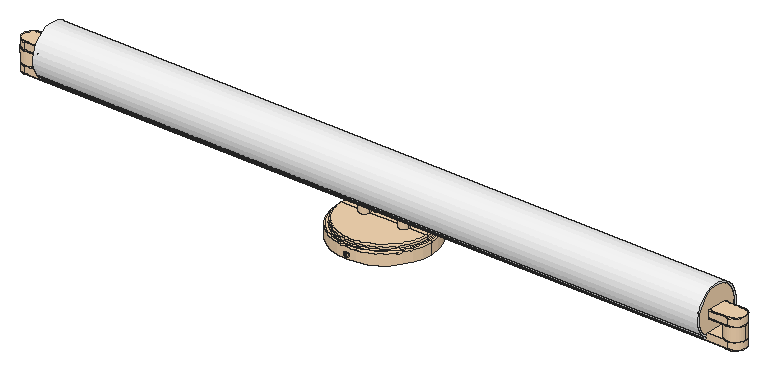
Revit family "Light_Fixture-Bath_Bar-KOHLER-Crue-K-32632", category Lighting Fixtures, host Face, Revit 2021
Family settings
  Host = Face
  Round Connector Dimension = Use Diameter
  Part Type = Normal
  OmniClass Number = 23.35.47.11
  OmniClass Title = Lighting Fixtures
  Cut with Voids When Loaded = No
  Light Source = Yes
  Shared = No
  Room Calculation Point = No
Parameters (values of type "2GL-Brushed Modern Brass")
  Width = 3 185/256"  # constant formula
  Wattage Comments = "24 W"  # constant formula
  Wattage = 24 W
  WaterSense Certified = 1 = 0  # no
  built-in parameter 1150110 = 1 (stored number, unit not read)
  Voltage = 120 V  # constant formula
  URL = "https://www.us.kohler.com/us/"
  Type = 1
  built-in parameter 1114217 = 1 (stored number, unit not read)
  built-in parameter 1150109 = 1 (stored number, unit not read)
  built-in parameter 1150134 = (empty or 0)
  built-in parameter 1150113 = 1 (stored number, unit not read)
  Product Page URL = "http://www.us.kohler.com/us/catalog/productDetails.jsp?productId=32632-SCLED"
  Product Name = "Crue"  # constant formula
  Product Documentation Link = "https://www.us.kohler.com/webassets/kpna/catalog/pdf/en/K-32632-SCLED_spec_US-CA_Kohler_en.pdf"
  Model = if(Type = 1, "K-32632-SCLED-2GL", if(Type = 2, "K-32632-SCLED-BLL", if(Type = 3, "K-32632-SCLED-BNL", if(Type = 4, "K-32632-SCLED-CPL", if(Type = 5, "K-32632-SCLED-TTL", "NA")))))  # "K-32632-SCLED-2GL"
  Material = "Premium Metal Construction"  # constant formula
  Master Format 2014 Name = "Interior Lighting Fixtures, Lamps, And Ballasts"  # constant formula
  Master Format 2014 = "26 51 13"  # constant formula
  Manufacturer Address = "444 Highland Dr, Kohler, WI 53044"  # constant formula
  Manufacturer = "Kohler Co."  # constant formula
  built-in parameter 1150105 = 763.94 (stored number, unit not read)
  Lumens = 2400 lm
  built-in parameter 1150115 = 1 (stored number, unit not read)
  Light Source Symbol Size = 2"  # constant formula
  built-in parameter 1150137 = (empty or 0)
  built-in parameter 1150139 = (empty or 0)
  Length = 36 1/16"  # constant formula
  built-in parameter 1150112 = 1 (stored number, unit not read)
  built-in parameter 1150114 = 1 (stored number, unit not read)
  Lamp = "1 x 24W LED Strip"  # constant formula
  built-in parameter 1150132 = (empty or 0)
  built-in parameter 1150102 = (empty or 0)
  built-in parameter 1150107 = 3000 (stored number, unit not read)
  built-in parameter 1150138 = (empty or 0)
  built-in parameter 1150106 = 7.6394 (stored number, unit not read)
  Height = 4 185/256"  # constant formula
  Hardware Included = 0 = 1  # no
  Finish = KOHLER-Metal-2GL-Brushed_Modern_Brass
  Environmental Product Declaration = ""
  Emit from Line Length = 32"
  Electrical Note = "One Dedicated Circuit Required"  # constant formula
  Electrical Connector = 1 = 1  # yes
  built-in parameter 1150104 = 9.2903 (stored number, unit not read)
  Dimming Lamp Color Temperature Shift = Incandescent Lamp Curve
  Description = "36 Inch Bath Bar"  # constant formula
  Default Elevation = 60"
  Declare Label = ""
  Date Modified = "01/18/2023"  # constant formula
  Date Created = "01/18/2023"  # constant formula
  Copyright = "Copyright Kohler Co."  # constant formula
  Contact Us = "https://www.us.kohler.com/us/static/contact.jsp"
  Color Filter = 16777215
  built-in parameter 1114218 = 1 (stored number, unit not read)
  built-in parameter 1150133 = 10 (stored number, unit not read)
  Assembly Code = "D5040.50"
  Apparent Load = 24 VA  # constant formula
  ADA Compliant = 1 = 0  # no
Types (6): name | Type | Model | Finish | Emit from Line Length
  (no name) | 1 | "K-32632-SCLED-2GL" | KOHLER-Metal-2GL-Brushed_Modern_Brass | 32"
  2GL-Brushed Modern Brass | 1 | "K-32632-SCLED-2GL" | KOHLER-Metal-2GL-Brushed_Modern_Brass | 32"
  BLL-Matte Black | 2 | "K-32632-SCLED-BLL" | KOHLER-Metal-BLL-Matte_Black | 20"
  BNL-Brushed Nickel | 3 | "K-32632-SCLED-BNL" | KOHLER-Metal-BNL-Brushed_Nickel | 20"
  CPL-Polished Chrome | 4 | "K-32632-SCLED-CPL" | KOHLER-Metal-CPL-Polished_Chrome | 20"
  TTL-Titanium | 5 | "K-32632-SCLED-TTL" | KOHLER-Metal-TTL-Titanium | 20"
Reference planes (in)
  plane 1 "Center (Front/Back)": y = 0
  plane 2: z = 0
  plane 3 "Center (Left/Right)": x = 0
  plane 4: y = 2.36219
  plane 5: y = -2.36047
  plane 6: x = -2.3622
  plane 7: x = 2.3622
  plane 8: y = -1.1811
  plane 9: y = 1.1811
  plane 10: x = -18.0315
  plane 11: x = 18.031
  plane 12: x = 16.59449
  plane 13: x = -16.59449
  plane 14: z = 3.72266
  plane 15: z = 0.7874
Dimensions and locks (in)
  plane 6 to plane 7 = 4.72441"
  "Height": plane 5 to plane 4
  "Length": plane 10 to plane 11
  plane 13 to plane 12 = 33.18898"
  plane 8 to plane 9 = 2.3622"
  "Width": plane 14 to level
  plane 15 to level = 0.7874"
  aligned and locked: plane 2 to host face
  aligned and locked: level to host face
  aligned and locked: plane 3 "Center (Left/Right)" to nested 1
  aligned and locked: plane 1 "Center (Front/Back)" to nested 1
Automatic sketch dimensions
  host sketch curve to host sketch curve = 96"  (x2)
Nested families (in)
  nested 1: "K-32632" at (0, 0, 0), type "K-32632"
Connectors (in)
  electrical at (0, 0, 0), driven by "Voltage", driven by "Apparent Load", driven by "Apparent Load", driven by "Electrical Connector", driven by "Electrical Note"
    settings: on nested 1, index 1, voltage 120 V, apparent load 24 VA, apparent load phase1 24 VA, apparent load phase2 0 VA, apparent load phase3 0 VA, power factor 1, load classification "Lighting", number of poles 1, system type 30, power factor state 1, is connector primary yes, connector utility yes, sub classification motor no, connector description "One Dedicated Circuit Required"
Definition of nested family "K-32632"
  Parameters (values of type "K-32632")
    Material = none
    Default Elevation = 0"
  Reference planes (in)
    plane 1 "Center (Front/Back)": y = 0
    plane 2: z = 0
    plane 3 "Center (Left/Right)": x = 0
    plane 4: y = 2.36219
    plane 5: y = -2.36219
    plane 6: x = -18.0315
    plane 7: x = 18.0315
    plane 8: x = -2.3622
    plane 9: x = 2.3622
    plane 10: x = -16.59449
    plane 11: x = 16.59449
    plane 12: y = 1.1811
    plane 13: y = -1.1811
    plane 14: z = 3.72071
    plane 15: z = 0.7874
  Forms (in)
    Revolve 1, solid, material <- "Material", detail levels medium+fine
      sketch origin (0, 0, 0) x (1, 0, 0) y (0, 0, 1)
        loop
          line (0, 0) -> (2.3622, 0) -> (2.3622, 0.53378)
          arc (2.3622, 0.53378) -> (2.34558, 0.57392) -> (2.30544, 0.59055) r 0.05677
          line (2.30544, 0.59055) -> (2.20514, 0.59055)
          arc (2.20514, 0.59055) -> (2.17625, 0.60252) -> (2.16429, 0.63141) r 0.04085
          line (2.16429, 0.63141) -> (2.16429, 0.7316)
          arc (2.16429, 0.7316) -> (2.14794, 0.77106) -> (2.10849, 0.7874) r 0.0558
          line (2.10849, 0.7874) -> (0, 0.7874) -> (0, 0)
        axis (0, 0.7874) -> (0, 0)
      angle from 0 to 360
    Revolve 2, solid, material <- "Material", detail levels medium+fine
      sketch origin (0, 0, 0) x (1, 0, 0) y (0, 0, 1)
        loop
          line (-0.98425, 1.29928) -> (-1.23031, 1.29928) -> (-1.23031, 0.60195) -> (-0.98425, 0.60195) -> (-0.98425, 1.29928)
        axis (-0.98425, 1.29928) -> (-0.98425, 0.60195)
      angle from 0 to 360
    Revolve 3, solid, material <- "Material", detail levels medium+fine
      sketch origin (-6.10236, 0, 0) x (1, 0, 0) y (0, 0, 1)
        loop
          line (-11.43701, 2.34259) -> (-11.92913, 2.34259) -> (-11.92913, 1.69298) -> (-11.43701, 1.69298) -> (-11.43701, 2.34259)
        axis (-11.43701, 2.34259) -> (-11.43701, 1.69298)
      angle from 0 to 360
    Extrusion 4, solid, material <- "Material", detail levels medium+fine
      sketch origin (0, 0, 0) x (1, 0, 0) y (0, 1, 0)
        loop
          arc (-17.53742, 0.34212) -> (-17.87867, 0.00087) -> (-17.53742, -0.34038) r 0.34125
          line (-17.53742, -0.34038) -> (17.53593, -0.34038)
          arc (17.53593, -0.34038) -> (17.87718, 0.00087) -> (17.53593, 0.34212) r 0.34125
          line (17.53593, 0.34212) -> (-17.53742, 0.34212)
      from 1.29928 to 1.69298
    Sweep 5, solid, material <- "Material", detail levels medium+fine
      path origin (0, 0, 0) x (1, 0, 0) y (0, 1, 0)
        loop
          line (0, 0.49484) -> (-17.53742, 0.49484)
          arc (-17.53742, 0.49484) -> (-18.03139, 0.00087) -> (-17.53742, -0.49311) r 0.49398
          line (-17.53742, -0.49311) -> (0, -0.49311) -> (17.53593, -0.49311)
          arc (17.53593, -0.49311) -> (18.0299, 0.00087) -> (17.53593, 0.49484) r 0.49398
          line (17.53593, 0.49484) -> (0, 0.49484)
      profile origin (-18.03139, 0.00087, 0) x (1, 0, 0) y (0, 0, 1)
        loop
          arc (0.02046, 1.69298) -> (0.00624, 1.68709) -> (0.00035, 1.67288) r 0.02011
          line (0.00035, 1.67288) -> (0.00035, 1.31893)
          arc (0.00035, 1.31893) -> (0.00611, 1.30504) -> (0.02, 1.29928) r 0.01964
          line (0.02, 1.29928) -> (0.15273, 1.29928) -> (0.15273, 1.69298) -> (0.02046, 1.69298)
    Sweep 6, solid, material <- "Material", detail levels medium+fine
      path origin (0, 0, 0) x (1, 0, 0) y (0, 1, 0)
        loop
          line (0, 0.49484) -> (-17.53405, 0.49484)
          arc (-17.53405, 0.49484) -> (-18.02803, 0.00087) -> (-17.53405, -0.49311) r 0.49398
          line (-17.53405, -0.49311) -> (0, -0.49311) -> (17.53732, -0.49311)
          arc (17.53732, -0.49311) -> (18.0313, 0.00087) -> (17.53732, 0.49484) r 0.49398
          line (17.53732, 0.49484) -> (0, 0.49484)
      profile origin (-18.02803, 0.00087, 0) x (1, 0, 0) y (0, 0, 1)
        loop
          line (0.13882, 2.34259) -> (0.13882, 2.73629) -> (0.02039, 2.73629)
          arc (0.02039, 2.73629) -> (0.00622, 2.73042) -> (0.00035, 2.71625) r 0.02004
          line (0.00035, 2.71625) -> (0.00035, 2.36266)
          arc (0.00035, 2.36266) -> (0.00623, 2.34847) -> (0.02043, 2.34259) r 0.02007
          line (0.02043, 2.34259) -> (0.13882, 2.34259)
    Extrusion 7, solid, material <- "Material", detail levels medium+fine
      sketch origin (0, 0, 0) x (1, 0, 0) y (0, 1, 0)
        loop
          arc (-17.53405, 0.35602) -> (-17.88921, 0.00087) -> (-17.53405, -0.35429) r 0.35516
          line (-17.53405, -0.35429) -> (17.53732, -0.35429)
          arc (17.53732, -0.35429) -> (17.89248, 0.00087) -> (17.53732, 0.35602) r 0.35516
          line (17.53732, 0.35602) -> (-17.53405, 0.35602)
      from 2.34259 to 2.73629
    Extrusion 8, void
      sketch origin (0, 0, 0) x (1, 0, 0) y (0, 0, 1)
        loop
          line (-16.59449, 4.4292) -> (-16.59449, 2.067) -> (16.59449, 2.067) -> (16.59449, 4.4292) -> (-16.59449, 4.4292)
      from -1.52135 to 1.50594
    Revolve 9, solid, material <- "Material", detail levels medium+fine
      sketch origin (0, 0, 0) x (-1, 0, 0) y (0, 0, -1)
        loop
          line (-0.98425, -1.29928) -> (-0.98425, -0.38932) -> (-1.23031, -0.38932) -> (-1.23031, -1.29928) -> (-0.98425, -1.29928)
        axis (-0.98425, -1.29928) -> (-0.98425, -0.38932)
      angle from 0 to 360
    Extrusion 10, solid
      sketch origin (0, 0, 0) x (0, 1, 0) y (0, 0, 1)
        loop
          arc (0.7911, 1.74524) -> (0.75273, 1.71967) -> (0.70749, 1.71069) r 0.11844
          line (0.70749, 1.71069) -> (0.66242, 1.71069) -> (0.66242, 1.67831)
          arc (0.66242, 1.67831) -> (0.6702, 1.66526) -> (0.68538, 1.66593) r 0.01482
          arc (0.68538, 1.66593) -> (0.76087, 1.62484) -> (0.68472, 1.58499) r 0.04871
          arc (0.68472, 1.58499) -> (0.67002, 1.58581) -> (0.66242, 1.5732) r 0.01427
          line (0.66242, 1.5732) -> (0.66242, 1.54069)
          arc (0.66242, 1.54069) -> (0.7491, 1.52495) -> (0.80584, 1.59234) r 0.08784
          line (0.80584, 1.59234) -> (0.81312, 1.63362)
          arc (0.81312, 1.63362) -> (0.82993, 1.68438) -> (0.8606, 1.72818) r 0.18452
          arc (0.8606, 1.72818) -> (-0.00203, 3.72112) -> (-0.85534, 1.72418) r 1.18197
          arc (-0.85534, 1.72418) -> (-0.82317, 1.67855) -> (-0.80555, 1.62557) r 0.19115
          line (-0.80555, 1.62557) -> (-0.79969, 1.59234)
          arc (-0.79969, 1.59234) -> (-0.74294, 1.52495) -> (-0.65626, 1.54069) r 0.08784
          line (-0.65626, 1.54069) -> (-0.65626, 1.5732)
          arc (-0.65626, 1.5732) -> (-0.66387, 1.58581) -> (-0.67857, 1.58499) r 0.01427
          arc (-0.67857, 1.58499) -> (-0.75472, 1.62484) -> (-0.67923, 1.66593) r 0.04871
          arc (-0.67923, 1.66593) -> (-0.66405, 1.66526) -> (-0.65626, 1.67831) r 0.01482
          line (-0.65626, 1.67831) -> (-0.65626, 1.71069) -> (-0.7161, 1.71069)
          arc (-0.7161, 1.71069) -> (-0.75122, 1.71756) -> (-0.78115, 1.73718) r 0.09311
          arc (-0.78115, 1.73718) -> (-0.00485, 3.65733) -> (0.7911, 1.74524) r 1.11934
      from -16.59449 to 16.59449
    Extrusion 11, solid, material <- "Material", detail levels medium+fine
      sketch origin (0, 0, 0) x (0, 1, 0) y (0, 0, 1)
        loop
          arc (-0.78115, 1.73718) -> (-0.75122, 1.71756) -> (-0.7161, 1.71069) r 0.09311
          line (-0.7161, 1.71069) -> (0.70749, 1.71069)
          arc (0.70749, 1.71069) -> (0.75273, 1.71967) -> (0.7911, 1.74524) r 0.11844
          arc (0.7911, 1.74524) -> (-0.00485, 3.65733) -> (-0.78115, 1.73718) r 1.11934
      from -16.41732 to -16.53543
    Extrusion 12, solid, material <- "Material", detail levels medium+fine
      sketch origin (0, 0, 0) x (0, 1, 0) y (0, 0, -1)
        loop
          arc (-0.78115, -1.73718) -> (-0.00485, -3.65733) -> (0.7911, -1.74524) r 1.11934
          arc (0.7911, -1.74524) -> (0.75273, -1.71967) -> (0.70749, -1.71069) r 0.11844
          line (0.70749, -1.71069) -> (-0.7161, -1.71069)
          arc (-0.7161, -1.71069) -> (-0.75122, -1.71756) -> (-0.78115, -1.73718) r 0.09311
      from -16.41732 to -16.53543
    Extrusion 13, void
      sketch origin (0, 0, 0) x (0, 1, 0) y (0, 0, 1)
        loop
          circle (0.18023, 2.53946) r 0.07874
        loop
          circle (-0.1785, 2.53946) r 0.07874
      from -16.67115 to 16.634
    Extrusion 14, void
      sketch origin (0, 0, 0) x (1, 0, 0) y (0, 0, 1)
        loop
          circle (0.00039, 0.21703) r 0.13814
      from 2.10865 to 2.48456
    Extrusion 15, solid, material <- "Material", detail levels medium+fine
      sketch origin (0, 0, 0) x (1, 0, 0) y (0, 0, 1)
        loop
          circle (0.00039, 0.21703) r 0.12096
        loop
          line (0.01602, 0.31386) -> (-0.01524, 0.31386) -> (-0.01524, 0.23266) -> (-0.09644, 0.23266) -> (-0.09644, 0.20139) -> (-0.01524, 0.20139) -> (-0.01524, 0.1202) -> (0.01602, 0.1202) -> (0.01602, 0.20139) -> (0.09722, 0.20139) -> (0.09722, 0.23266) -> (0.01602, 0.23266) -> (0.01602, 0.31386)
      from 2.10865 to 2.35816
    Extrusion 16, solid, material <- "Material", detail levels medium+fine
      sketch origin (0, 0, 0) x (1, 0, 0) y (0, 0, -1)
        loop
          circle (0.00039, -0.21703) r 0.12096
        loop
          line (0.01602, -0.31386) -> (0.01602, -0.23266) -> (0.09722, -0.23266) -> (0.09722, -0.20139) -> (0.01602, -0.20139) -> (0.01602, -0.1202) -> (-0.01524, -0.1202) -> (-0.01524, -0.20139) -> (-0.09644, -0.20139) -> (-0.09644, -0.23266) -> (-0.01524, -0.23266) -> (-0.01524, -0.31386) -> (0.01602, -0.31386)
      from 2.10865 to 2.35816
    Extrusion 17, void
      sketch origin (0, 0, 0) x (1, 0, 0) y (0, 0, -1)
        loop
          circle (0.00039, -0.21703) r 0.13814
      from 2.10865 to 2.48456
    Revolve 18, solid, material <- "Material", detail levels coarse
      sketch origin (0, 0, 0) x (1, 0, 0) y (0, 0, 1)
        loop
          line (0, 0) -> (0, 1.31918) -> (-1.37795, 1.31918) -> (-1.37795, 0.79643) -> (-2.3622, 0.79643) -> (-2.3622, 0) -> (0, 0)
        axis (0, 1.31918) -> (0, 0)
      angle from 0 to 360
    Extrusion 19, solid, material <- "Material", detail levels coarse
      sketch origin (0, 0, 0) x (0, 1, 0) y (0, 0, 1)
        loop
          arc (-0.78115, 1.73718) -> (-0.75122, 1.71756) -> (-0.7161, 1.71069) r 0.09311
          line (-0.7161, 1.71069) -> (0.70749, 1.71069)
          arc (0.70749, 1.71069) -> (0.75273, 1.71967) -> (0.7911, 1.74524) r 0.11844
          arc (0.7911, 1.74524) -> (-0.00485, 3.65733) -> (-0.78115, 1.73718) r 1.11934
      from -16.41732 to -16.5874
    Extrusion 20, solid, material <- "Material", detail levels coarse
      sketch origin (0, 0, 0) x (0, 1, 0) y (0, 0, -1)
        loop
          arc (-0.78115, -1.73718) -> (-0.00485, -3.65733) -> (0.7911, -1.74524) r 1.11934
          arc (0.7911, -1.74524) -> (0.75273, -1.71967) -> (0.70749, -1.71069) r 0.11844
          line (0.70749, -1.71069) -> (-0.7161, -1.71069)
          arc (-0.7161, -1.71069) -> (-0.75122, -1.71756) -> (-0.78115, -1.73718) r 0.09311
      from -16.41732 to -16.56608
    Extrusion 21, solid, material <- "Material", detail levels coarse
      sketch origin (0, 0, 0) x (1, 0, 0) y (0, 1, 0)
        loop
          arc (17.5405, -0.65626) -> (18.19984, 0.00308) -> (17.5405, 0.66242) r 0.65934
          line (17.5405, 0.66242) -> (-17.46382, 0.66242)
          arc (-17.46382, 0.66242) -> (-18.12316, 0.00308) -> (-17.46382, -0.65626) r 0.65934
          line (-17.46382, -0.65626) -> (17.5405, -0.65626)
      from 1.29928 to 1.71069
    Extrusion 22, solid, material <- "Material", detail levels medium+fine
      sketch origin (0, 0, 0) x (1, 0, 0) y (0, 1, 0)
        loop
          circle (0, 0) r 0.19685
      from 0 to 0.07874
    Extrusion 23, solid
      sketch origin (0, 0, 0) x (0, 1, 0) y (0, 0, 1)
        loop
          line (0.66242, 1.71069) -> (0.66242, 1.86817) -> (-0.65582, 1.86817) -> (-0.65582, 1.71069) -> (0.66242, 1.71069)
        loop
          line (0.64273, 1.84866) -> (-0.63613, 1.84866) -> (-0.63613, 1.73055) -> (0.64273, 1.73055) -> (0.64273, 1.84866)
      from -16.23307 to 16.23307
    Extrusion 24, solid
      sketch origin (0, 0, 0) x (0, 1, 0) y (0, 0, 1)
        loop
          line (0.66242, 1.71069) -> (0.66242, 1.86817) -> (-0.65582, 1.86817) -> (-0.65582, 1.71069) -> (0.66242, 1.71069)
      from -16.23307 to -16.39055
    Revolve 25, solid, material <- "Material", detail levels medium+fine
      sketch origin (6.10236, 0, 0) x (-1, 0, 0) y (0, 0, -1)
        loop
          line (-11.43701, -2.34259) -> (-11.43701, -1.69298) -> (-11.92913, -1.69298) -> (-11.92913, -2.34259) -> (-11.43701, -2.34259)
        axis (-11.43701, -2.34259) -> (-11.43701, -1.69298)
      angle from 0 to 360
    Extrusion 26, solid
      sketch origin (0, 0, 0) x (0, 1, 0) y (0, 0, -1)
        loop
          line (0.66242, -1.71069) -> (-0.65582, -1.71069) -> (-0.65582, -1.86817) -> (0.66242, -1.86817) -> (0.66242, -1.71069)
      from -16.23307 to -16.39055
    Extrusion 27, solid, material <- "Material", detail levels coarse
      sketch origin (-6.09528, 0, 1.71069) x (1, 0, 0) y (0, 1, 0)
        loop
          circle (-11.43701, 0) r 0.49921
        loop
          circle (23.62756, 0) r 0.49921
      from 0 to 0.6319
    Extrusion 28, solid, material <- "Material", detail levels coarse
      sketch origin (-6.09528, 0, 0.00001) x (1, 0, 0) y (0, 1, 0)
        loop
          arc (-11.44036, 0.50046) -> (-11.94083, 0) -> (-11.44036, -0.50046) r 0.50046
          line (-11.44036, -0.50046) -> (-10.49213, -0.50046) -> (-10.49213, 0.50046) -> (-11.44036, 0.50046)
        loop
          line (23.63091, 0.50046) -> (22.66135, 0.50046) -> (22.66135, -0.50046) -> (23.63091, -0.50046)
          arc (23.63091, -0.50046) -> (24.13138, 0) -> (23.63091, 0.50046) r 0.50046
      from 2.34259 to 2.73629
  Cuts and joins
    Extrusion 14, Extrusion 17 cuts Revolve 1
    Extrusion 17 cuts Revolve 2
    Extrusion 17 cuts Extrusion 4
    Extrusion 17 cuts Sweep 5
    Extrusion 17 cuts Revolve 9
    Extrusion 13, Extrusion 17 cuts Extrusion 11
    Extrusion 13, Extrusion 17 cuts Extrusion 12
    joined: Revolve 1, Revolve 2, Extrusion 4, Sweep 5, Revolve 9, Extrusion 11, Extrusion 12
    Extrusion 17 cuts Extrusion 15
    joined: Revolve 18, Extrusion 19, Extrusion 20, Extrusion 21
    joined: Extrusion 23, Extrusion 24, Extrusion 26
    Extrusion 8, Extrusion 17 cuts Sweep 6
    Extrusion 8, Extrusion 13, Extrusion 17 cuts Extrusion 7
    joined: Sweep 6, Extrusion 7
    Extrusion 17 cuts Revolve 3
  Lines and regions (in)
    Masking region 1
      outline origin (0, 0, 0) x (1, 0, 0) y (0, 1, 0)
        loop
          arc (2.04571, 1.1811) -> (0, 2.36219) -> (-2.04571, 1.1811) r 2.36219
          line (-2.04571, 1.1811) -> (-16.5947, 1.1811) -> (-16.5947, 0.49213) -> (-17.53937, 0.49213)
          arc (-17.53937, 0.49213) -> (-18.0315, 0) -> (-17.53937, -0.49213) r 0.49213
          line (-17.53937, -0.49213) -> (-16.5947, -0.49213) -> (-16.5947, -1.1811) -> (-2.04571, -1.1811)
          arc (-2.04571, -1.1811) -> (0, -2.36219) -> (2.04571, -1.1811) r 2.36219
          line (2.04571, -1.1811) -> (16.59466, -1.1811) -> (16.59466, -0.49213) -> (17.53937, -0.49213)
          arc (17.53937, -0.49213) -> (18.0315, 0) -> (17.53937, 0.49213) r 0.49213
          line (17.53937, 0.49213) -> (16.59466, 0.49213) -> (16.59466, 1.1811) -> (2.04571, 1.1811)
    Masking region 2
      outline origin (0, 0, 0) x (1, 0, 0) y (0, 0, 1)
        loop
          line (0, 0) -> (2.3622, 0) -> (2.3622, 0.53379)
          arc (2.3622, 0.53379) -> (2.34558, 0.57393) -> (2.30544, 0.59055) r 0.05676
          line (2.30544, 0.59055) -> (2.20389, 0.59055)
          arc (2.20389, 0.59055) -> (2.17664, 0.60184) -> (2.16535, 0.62909) r 0.03854
          line (2.16535, 0.62909) -> (2.16535, 0.72918)
          arc (2.16535, 0.72918) -> (2.1483, 0.77035) -> (2.10713, 0.7874) r 0.05822
          line (2.10713, 0.7874) -> (1.23132, 0.7874) -> (1.23132, 1.29928) -> (18.0116, 1.29928)
          arc (18.0116, 1.29928) -> (18.02567, 1.30511) -> (18.0315, 1.31918) r 0.01989
          line (18.0315, 1.31918) -> (18.0315, 2.71668)
          arc (18.0315, 2.71668) -> (18.02575, 2.73055) -> (18.01187, 2.7363) r 0.01962
          line (18.01187, 2.7363) -> (16.59449, 2.7363) -> (16.59449, 3.72071) -> (0, 3.72071) -> (-16.59449, 3.72071) -> (-16.59449, 2.7363) -> (-18.01187, 2.7363)
          arc (-18.01187, 2.7363) -> (-18.02575, 2.73055) -> (-18.0315, 2.71668) r 0.01962
          line (-18.0315, 2.71668) -> (-18.0315, 1.31918)
          arc (-18.0315, 1.31918) -> (-18.02567, 1.30511) -> (-18.0116, 1.29928) r 0.01989
          line (-18.0116, 1.29928) -> (-1.23132, 1.29928) -> (-1.23132, 0.7874) -> (-2.10759, 0.7874)
          arc (-2.10759, 0.7874) -> (-2.14843, 0.77048) -> (-2.16535, 0.72963) r 0.05777
          line (-2.16535, 0.72963) -> (-2.16535, 0.62871)
          arc (-2.16535, 0.62871) -> (-2.17653, 0.60173) -> (-2.20351, 0.59055) r 0.03816
          line (-2.20351, 0.59055) -> (-2.30487, 0.59055)
          arc (-2.30487, 0.59055) -> (-2.34541, 0.57376) -> (-2.3622, 0.53322) r 0.05733
          line (-2.3622, 0.53322) -> (-2.3622, 0) -> (0, 0)
        loop
          line (17.04724, 2.34259) -> (16.59449, 2.34259) -> (16.59449, 1.69346) -> (17.04724, 1.69346) -> (17.04724, 2.34259)
        loop
          line (0.73819, 1.29928) -> (0, 1.29928) -> (-0.73819, 1.29928) -> (-0.73819, 0.7874) -> (0, 0.7874) -> (0.73819, 0.7874) -> (0.73819, 1.29928)
        loop
          line (-17.04724, 2.34259) -> (-17.04724, 1.69346) -> (-16.59449, 1.69346) -> (-16.59449, 2.34259) -> (-17.04724, 2.34259)
    Masking region 3
      outline origin (0, 0, 0) x (0, 1, 0) y (0, 0, 1)
        loop
          arc (-0.86263, 1.72777) -> (-0.83197, 1.68397) -> (-0.81515, 1.63321) r 0.18452
          line (-0.81515, 1.63321) -> (-0.80787, 1.59193)
          arc (-0.80787, 1.59193) -> (-0.75113, 1.52454) -> (-0.66445, 1.54028) r 0.08784
          line (-0.66445, 1.54028) -> (-0.66445, 1.57279)
          arc (-0.66445, 1.57279) -> (-0.67205, 1.58541) -> (-0.68675, 1.58458) r 0.01427
          arc (-0.68675, 1.58458) -> (-0.76291, 1.62443) -> (-0.68742, 1.66552) r 0.04871
          arc (-0.68742, 1.66552) -> (-0.67224, 1.66485) -> (-0.66445, 1.6779) r 0.01482
          line (-0.66445, 1.6779) -> (-0.66445, 1.71028) -> (-0.49213, 1.71028) -> (-0.49213, 1.67908) -> (-0.45708, 1.67908)
          arc (-0.45708, 1.67908) -> (-0.48227, 1.66358) -> (-0.49213, 1.63569) r 0.04438
          line (-0.49213, 1.63569) -> (-0.49213, 1.31892)
          arc (-0.49213, 1.31892) -> (-0.48638, 1.30503) -> (-0.47249, 1.29928) r 0.01963
          line (-0.47249, 1.29928) -> (-0.24606, 1.29928) -> (-0.24606, 0.78747) -> (-2.10737, 0.78747)
          arc (-2.10737, 0.78747) -> (-2.14836, 0.77049) -> (-2.16534, 0.7295) r 0.05797
          line (-2.16534, 0.7295) -> (-2.16534, 0.63089)
          arc (-2.16534, 0.63089) -> (-2.17715, 0.60237) -> (-2.20568, 0.59055) r 0.04034
          line (-2.20568, 0.59055) -> (-2.30594, 0.59055)
          arc (-2.30594, 0.59055) -> (-2.34572, 0.57408) -> (-2.36219, 0.5343) r 0.05625
          line (-2.36219, 0.5343) -> (-2.36219, 0) -> (0, 0) -> (2.36219, 0) -> (2.36219, 0.5343)
          arc (2.36219, 0.5343) -> (2.34572, 0.57408) -> (2.30594, 0.59055) r 0.05625
          line (2.30594, 0.59055) -> (2.20568, 0.59055)
          arc (2.20568, 0.59055) -> (2.17715, 0.60237) -> (2.16534, 0.63089) r 0.04034
          line (2.16534, 0.63089) -> (2.16534, 0.7295)
          arc (2.16534, 0.7295) -> (2.14836, 0.77049) -> (2.10737, 0.78747) r 0.05797
          line (2.10737, 0.78747) -> (0.24606, 0.78747) -> (0.24606, 1.29928) -> (0.47249, 1.29928)
          arc (0.47249, 1.29928) -> (0.48638, 1.30503) -> (0.49213, 1.31892) r 0.01963
          line (0.49213, 1.31892) -> (0.49213, 1.63569)
          arc (0.49213, 1.63569) -> (0.48227, 1.66358) -> (0.45708, 1.67908) r 0.04438
          line (0.45708, 1.67908) -> (0.49213, 1.67908) -> (0.49213, 1.71028) -> (0.65423, 1.71028) -> (0.65423, 1.6779)
          arc (0.65423, 1.6779) -> (0.66202, 1.66485) -> (0.6772, 1.66552) r 0.01482
          arc (0.6772, 1.66552) -> (0.75269, 1.62443) -> (0.67654, 1.58458) r 0.04871
          arc (0.67654, 1.58458) -> (0.66183, 1.58541) -> (0.65423, 1.57279) r 0.01427
          line (0.65423, 1.57279) -> (0.65423, 1.54028)
          arc (0.65423, 1.54028) -> (0.74091, 1.52454) -> (0.79765, 1.59193) r 0.08784
          line (0.79765, 1.59193) -> (0.80351, 1.62516)
          arc (0.80351, 1.62516) -> (0.82113, 1.67814) -> (0.85331, 1.72377) r 0.19115
          arc (0.85331, 1.72377) -> (0, 3.72071) -> (-0.86263, 1.72777) r 1.18197
    symbolic lines, detail levels medium+fine
      curve 1: line (-2.15254, 1.1811, 0) -> (2.17817, 1.1811, 0)
      curve 2: line (-2.15254, -1.1811, 0) -> (2.17817, -1.1811, 0)
      curve 3: line (-16.5947, -0.49213, 0) -> (-16.5947, 0.49213, 0)
      curve 4: line (16.59466, -0.49213, 0) -> (16.59466, 0.49213, 0)
      curve 5: arc (-1.98132, -1.1811, 0) -> (0, -2.30665, 0) -> (1.98132, -1.1811, 0) r 2.30665
      curve 6: arc (-1.73248, -1.1811, 0) -> (0, -2.09678, 0) -> (1.73248, -1.1811, 0) r 2.09678
      curve 7: arc (-1.65556, -1.1811, 0) -> (0, -2.03369, 0) -> (1.65556, -1.1811, 0) r 2.03369
      curve 8: arc (-1.5748, -1.1811, 0) -> (0, -1.9685, 0) -> (1.5748, -1.1811, 0) r 1.9685
      curve 9: arc (1.5748, 1.1811, 0) -> (0, 1.9685, 0) -> (-1.5748, 1.1811, 0) r 1.9685
      curve 10: arc (1.65556, 1.1811, 0) -> (0, 2.03369, 0) -> (-1.65556, 1.1811, 0) r 2.03369
      curve 11: arc (1.73248, 1.1811, 0) -> (0, 2.09678, 0) -> (-1.73248, 1.1811, 0) r 2.09678
      curve 12: arc (1.98132, 1.1811, 0) -> (0, 2.30665, 0) -> (-1.98132, 1.1811, 0) r 2.30665
      curve 13: line (17.04724, 0, 2.34259) -> (17.98819, 0, 2.34259)
      curve 14: line (17.04724, 0, 1.69298) -> (17.98819, 0, 1.69298)
      curve 15: line (16.59449, 0, 2.34259) -> (16.59449, 0, 2.7363)
      curve 16: line (16.59449, 0, 1.69346) -> (16.59449, 0, 1.52071)
      curve 17: line (16.59449, 0, 1.52071) -> (0, 0, 1.52071)
      curve 18: arc (17.98819, 0, 2.34259) -> (18.0141, 0, 2.35034) -> (18.0315, 0, 2.37106) r 0.04717
      curve 19: arc (17.98819, 0, 1.69298) -> (18.01374, 0, 1.68564) -> (18.0315, 0, 1.66585) r 0.04813
      curve 20: line (18.0315, 0, 2.37106) -> (16.59449, 0, 2.37106)
      curve 21: line (18.0315, 0, 2.71668) -> (16.59449, 0, 2.71668)
      curve 22: line (18.0315, 0, 1.31918) -> (0, 0, 1.31918)
      curve 23: line (18.0315, 0, 1.66585) -> (16.59449, 0, 1.66585)
      curve 24: line (1.23031, 0, 1.29928) -> (0.73819, 0, 1.29928)
      curve 25: line (1.23031, 0, 0.78747) -> (0.73819, 0, 0.78747)
      curve 26: line (2.16535, 0, 0.72918) -> (0, 0, 0.72918)
      curve 27: line (2.16535, 0, 0.62909) -> (0, 0, 0.62909)
      curve 28: line (2.20389, 0, 0.59055) -> (0, 0, 0.59055)
      curve 29: line (2.3622, 0, 0.53379) -> (0, 0, 0.53379)
      curve 30: line (-17.04724, 0, 2.34259) -> (-17.98819, 0, 2.34259)
      curve 31: line (-17.04724, 0, 1.69298) -> (-17.98819, 0, 1.69298)
      curve 32: line (-16.59449, 0, 2.28213) -> (-16.59449, 0, 2.7363)
      curve 33: line (-16.59449, 0, 1.75755) -> (-16.59449, 0, 1.52071)
      curve 34: line (-16.59449, 0, 1.52071) -> (0, 0, 1.52071)
      curve 35: arc (-17.98819, 0, 2.34259) -> (-18.0141, 0, 2.35034) -> (-18.0315, 0, 2.37106) r 0.04717
      curve 36: arc (-17.98819, 0, 1.69298) -> (-18.01374, 0, 1.68564) -> (-18.0315, 0, 1.66585) r 0.04813
      curve 37: line (-18.0315, 0, 2.37106) -> (-16.59449, 0, 2.37106)
      curve 38: line (-18.0315, 0, 2.71668) -> (-16.59449, 0, 2.71668)
      curve 39: line (-18.0315, 0, 1.31918) -> (0, 0, 1.31918)
      curve 40: line (-18.0315, 0, 1.66585) -> (-16.59449, 0, 1.66585)
      curve 41: line (-1.23031, 0, 1.29928) -> (-0.73819, 0, 1.29928)
      curve 42: line (-1.23031, 0, 0.78747) -> (-0.73819, 0, 0.78747)
      curve 43: line (-2.16535, 0, 0.72918) -> (0, 0, 0.72918)
      curve 44: line (-2.16535, 0, 0.62909) -> (0, 0, 0.62909)
      curve 45: line (-2.20389, 0, 0.59055) -> (0, 0, 0.59055)
      curve 46: line (-2.3622, 0, 0.53379) -> (0, 0, 0.53379)
      curve 47: line (16.59449, 0, 1.60709) -> (0, 0, 1.60709)
      curve 48: line (16.59449, 0, 1.75755) -> (0, 0, 1.75755)
      curve 49: line (-16.59449, 0, 1.60709) -> (0, 0, 1.60709)
      curve 50: line (-16.59449, 0, 1.75755) -> (0, 0, 1.75755)
      curve 51: line (0, 0.24606, 0.78747) -> (0, -0.24606, 0.78747)
      curve 52: line (0, -0.24606, 1.29928) -> (0, 0.24606, 1.29928)
      curve 53: line (0, 0.45708, 1.67908) -> (0, -0.45708, 1.67908)
      curve 54: line (0, 2.20568, 0.59055) -> (0, -2.20568, 0.59055)
      curve 55: line (0, 2.16534, 0.63089) -> (0, -2.16534, 0.63089)
      curve 56: line (0, -2.16534, 0.7295) -> (0, 2.16534, 0.7295)
      curve 57: line (0, 2.36219, 0.5343) -> (0, -2.36219, 0.5343)
      curve 58: line (0, 0.49213, 1.63569) -> (0, -0.49213, 1.63569)
      curve 59: line (0, 0.65423, 1.71028) -> (0, 0.69012, 1.71028)
      curve 60: line (0, -0.66445, 1.71028) -> (0, -0.69793, 1.71028)
      curve 61: arc (0, 0.75454, 1.73578) -> (0, -0.00423, 3.64179) -> (0, -0.74835, 1.73002) r 1.10236
      curve 62: arc (0, 0.69012, 1.71028) -> (0, 0.72476, 1.71689) -> (0, 0.75454, 1.73578) r 0.09411
      curve 63: arc (0, -0.74835, 1.73002) -> (0, -0.72501, 1.71539) -> (0, -0.69793, 1.71028) r 0.07427
      curve 64: line (0, 0.49213, 1.71028) -> (0, 0.49213, 2.7151)
      curve 65: line (0, 0, 2.73759) -> (0, 0.46964, 2.73759)
      curve 66: arc (0, 0.49213, 2.7151) -> (0, 0.48554, 2.73101) -> (0, 0.46964, 2.73759) r 0.02249
      curve 67: line (0, 0.49213, 2.7151) -> (0, 0, 2.7151)
      curve 68: line (0, -0.49213, 1.71028) -> (0, -0.49213, 2.7151)
      curve 69: line (0, 0, 2.73759) -> (0, -0.46964, 2.73759)
      curve 70: arc (0, -0.49213, 2.7151) -> (0, -0.48554, 2.73101) -> (0, -0.46964, 2.73759) r 0.02249
      curve 71: line (0, -0.49213, 2.7151) -> (0, 0, 2.7151)
      curve 72: line (0, 0.49213, 2.3337) -> (0, -0.49213, 2.3337)
  Dimensions and locks (in)
    plane 6 to plane 7 = 36.06299"
    plane 10 to plane 11 = 33.18898"
    aligned and locked: plane 2 to level
